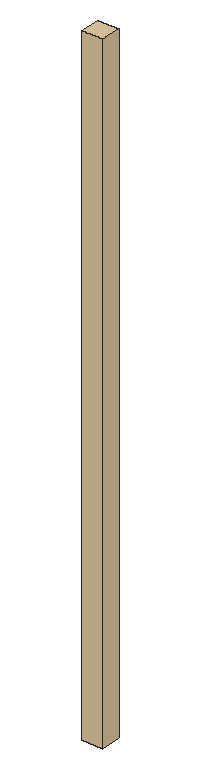
Revit family
Parameters (values of type "4x4")
  Column Material [instance] = Wood - Dimensional Lumber
  A = 12.96 in²
  Assembly Code = "B10"
  Ix = 12.51
  Iy = 12.51
  Sx = 7.146
  Sy = 7.146
  b = 0' - 3 1/2"
  d = 0' - 3 1/2"
Reference planes (in)
  plane 1 "Center (Front/Back)": y = 0
  plane 2: z = 0
  plane 3 "Center (Left/Right)": x = 0
  plane 4: x = -1.75
  plane 5: x = 1.75
  plane 6: y = 1.75
  plane 7: y = -1.75
Forms (in)
  Extrusion 1, solid, material "Wood - Dimensional Lumber" <- "Column Material", detail levels medium+fine
    sketch origin (0, 0, 0) x (1, 0, 0) y (0, 1, 0)
      loop
        line (-1.75, 1.75) -> (-1.75, -1.75) -> (1.75, -1.75) -> (1.75, 1.75) -> (-1.75, 1.75)
    from 0 to 108
Lines and regions (in)
  symbolic lines, style "StructuralColumnStickSymbols", detail levels coarse
    curve 1: line (-1.75, 1.75, 0) -> (1.75, 1.75, 0)
    curve 2: line (-1.75, -1.75, 0) -> (1.75, -1.75, 0)
    curve 3: line (-1.75, 1.75, 0) -> (-1.75, -1.75, 0)
    curve 4: line (1.75, 1.75, 0) -> (1.75, -1.75, 0)
Dimensions and locks (in)
  equal spacing: plane 4, plane 3 "Center (Left/Right)", plane 5
  equal spacing: plane 7, plane 1 "Center (Front/Back)", plane 6
  "d": plane 7 to plane 6
  "b": plane 4 to plane 5
  aligned and locked: plane 6 to Extrusion 1 sketch curve
  aligned and locked: Extrusion 1 sketch curve to plane 7
  aligned and locked: Extrusion 1 sketch curve to plane 4
  aligned and locked: plane 5 to Extrusion 1 sketch curve
  aligned and locked: level to Extrusion 1
  aligned and locked: level to plane 2
  aligned and locked: Extrusion 1 to plane 2
Automatic sketch dimensions
  curve 3 to plane 4 = 0' - 0"
  curve 4 to plane 5 = 0' - 0"
  curve 3 to plane 7 = 0' - 0"
  curve 3 to plane 6 = 0' - 0"
